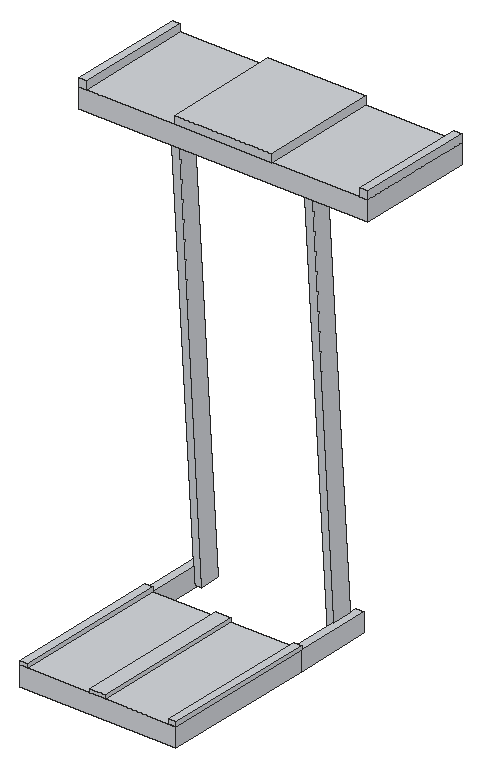
Revit family "Установка радиометрическая контрольная руки-ноги", category Оборудование, Revit 2017
Family settings
  Размер круглого соединителя = Использовать диаметр
  Тип детали = Нормальный
  На основе рабочей плоскости = Нет
  Всегда вертикально = Да
  При загрузке вырезать с полостями = Нет
  Общий = Нет
  Точка расчета площади = Нет
Parameters (values of type "МКС-100А-01")
  Общ_Ширина = 650.0 mm
  Общ_Тип, марка = "МКС-100А-01"
  Общ_Примечание ЭМ [instance] = ""
  Общ_Примечание АР [instance] = ""
  Общ_Примечание = ""
  Общ_Поставщик = "Амплитуда"
  Общ_Позиция = "60"
  Общ_Напряжение = 220 V
  Общ_Наименование = "Установка радиометрическая контрольная типа \"руки-ноги\""
  Общ_Мощность номинальная = 20 W
  Общ_Масса = "45"
  Общ_Код продукции = ""
  Общ_Задание [instance] = "ЭМ"
  Общ_Единицы измерения = "шт."
  Общ_Глубина = 600.0 mm
  Общ_Высота = 1100.0 mm
  Keynote = ""
  Model = ""
Types (2, lengths in mm): name | Общ_Ширина | Общ_Тип, марка | Общ_Поставщик | Общ_Глубина | Общ_Высота
  РЗБ-05Д | 740.0 | "РЗБ-05Д" | "Доза" | 700.0 | 1180.0
  МКС-100А-01 | 650.0 | "МКС-100А-01" | "Амплитуда" | 600.0 | 1100.0
Reference planes
  plane 1 "По центру (Вперед/Назад)": y = 0
  plane 2: z = 0
  plane 3 "По центру (Влево/Вправо)": x = 0
  plane 4: x = -180
  plane 5: x = 155
Forms (mm)
  Extrusion 1, solid, detail levels fine
    sketch origin (0, 0, 0) x (1, 0, 0) y (0, 1, 0)
      loop
        line (-200, 0) -> (-200, -400) -> (200, -400) -> (200, 0) -> (-200, 0)
    from 20 to 70
  Extrusion 2, solid, detail levels fine
    sketch origin (0, 0, 0) x (1, 0, 0) y (0, 1, 0)
      loop
        line (-200, 0) -> (-200, -400) -> (-180, -400) -> (-180, 0) -> (-200, 0)
      loop
        line (200, 0) -> (180, 0) -> (180, -400) -> (200, -400) -> (200, 0)
      loop
        line (-20, 0) -> (-20, -400) -> (20, -400) -> (20, 0) -> (-20, 0)
    from 80 to 70
  Extrusion 3, solid, detail levels fine
    sketch origin (0, 0, 0) x (1, 0, 0) y (0, 1, 0)
      loop
        line (-200, 0) -> (-180, 0) -> (-180, 200) -> (-200, 200) -> (-200, 0)
      loop
        line (200, 0) -> (200, 200) -> (180, 200) -> (180, 0) -> (200, 0)
    from 20 to 70
  Extrusion 4, solid, detail levels fine
    sketch origin (0, 0, 0) x (1, 0, 0) y (0, 1, 0)
      loop
        line (-370, 300) -> (-370, 0) -> (370, 0) -> (370, 300) -> (-370, 300)
    from 1110 to 1160
  Extrusion 5, solid, detail levels fine
    sketch origin (0, 0, 0) x (1, 0, 0) y (0, 1, 0)
      loop
        line (-370, 300) -> (-370, 0) -> (-350, 0) -> (-350, 300) -> (-370, 300)
      loop
        line (370, 300) -> (350, 300) -> (350, 0) -> (370, 0) -> (370, 300)
      loop
        line (-125, 300) -> (-125, 0) -> (125, 0) -> (125, 300) -> (-125, 300)
    from 1180 to 1160
  Extrusion 6, solid, detail levels fine
    sketch origin (-180, 200, 1200) x (0, 1, 0) y (0, 0, 1)
      loop
        line (-17.282, -1168.869) -> (-92.724, -90) -> (-142.846, -90) -> (-67.16, -1172.357) -> (-17.282, -1168.869)
    from 0 to 20
  Extrusion 7, solid, detail levels fine
    sketch origin (180, 200, 1200) x (0, 1, 0) y (0, 0, -1)
      loop
        line (-17.282, 1168.869) -> (-67.16, 1172.357) -> (-142.846, 90) -> (-92.724, 90) -> (-17.282, 1168.869)
    from 0 to 20
Lines and regions (mm)
  symbolic lines, detail levels coarse+medium
    curve 1: line (370, 300, 0) -> (-370, 300, 0)
    curve 2: line (-370, 300, 0) -> (-370, 0, 0)
    curve 3: line (-370, 0, 0) -> (370, 0, 0)
    curve 4: line (370, 0, 0) -> (370, 300, 0)
    curve 5: line (-125, 300, 0) -> (-125, 0, 0)
    curve 6: line (125, 0, 0) -> (125, 300, 0)
    curve 7: line (350, 300, 0) -> (350, 0, 0)
    curve 8: line (-350, 0, 0) -> (-350, 300, 0)
    curve 9: line (-180, -400, 0) -> (-180, 0, 0)
    curve 10: line (-200, 0, 0) -> (-200, -400, 0)
    curve 11: line (-200, -400, 0) -> (200, -400, 0)
    curve 12: line (200, -400, 0) -> (200, 0, 0)
    curve 13: line (180, 0, 0) -> (180, -400, 0)
    curve 14: line (20, -400, 0) -> (20, 0, 0)
    curve 15: line (-20, 0, 0) -> (-20, -400, 0)
Dimensions and locks
  aligned and locked: level to plane 2
  aligned and locked: Extrusion 5 to Extrusion 4
